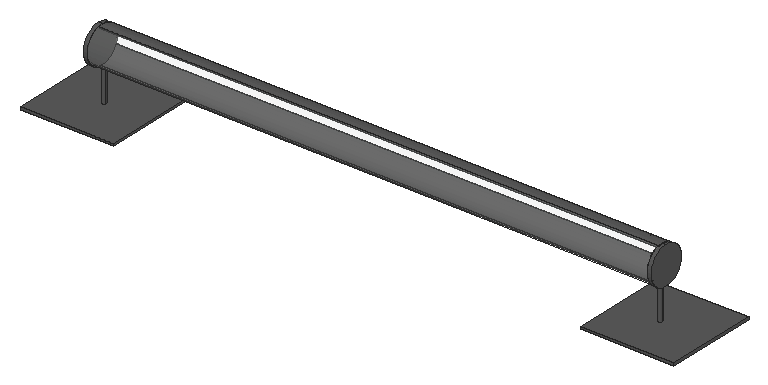
Revit family "wall di", category Lighting Fixtures, host Face, Revit 2019
Family settings
  Host = Face
  Round Connector Dimension = Use Diameter
  Part Type = Normal
  OmniClass Number = 23.80.70.11
  OmniClass Title = Luminaries for Internal Lighting
  Cut with Voids When Loaded = No
  Light Source = Yes
  Shared = No
  Room Calculation Point = No
Parameters (values of type "Not a Type - Load Type Catalog!")
  z_RO Start = Run : Start Fixture
  z_RO Standalone = Run : Standalone Fixture
  z_RO Middle = Run : Middle Fixture
  z_RO End = Run : End Fixture
  z_Geometry Position [instance] = 0' - 4 19/32"
  z_Connector Position [instance] = if(or(Run Option = z_RO Standalone, Run Option = z_RO Start), 0' 0", Length - 2 * 0' 0 21/128")  # 0' - 0"
  z_Array No 01 [instance] = if(or(Run Option = z_RO Standalone, Run Option = z_RO Start, and(Run Option = z_RO End, [Emergency Circuit - End Fixture])), 3, 2)  # 3
  z_Angle [instance] = 0.00°  # constant formula
  Width = 0' - 3 51/256"  # constant formula
  Weight = 0.00 lbf
  Wattage Comments = ""
  Wattage = 9.2903 W
  z_WM Left [instance] = or(Run Option = z_RO Start, Run Option = z_RO Standalone)  # yes
  Voltage Range = ""
  built-in parameter 1150110 = 1 (stored number, unit not read)
  Voltage = 120 V
  URL = "https://starteklightingamerica.com/optimo-direct/"
  Type Comments = "Linear Lighting Fixture"  # constant formula
  built-in parameter 1114217 = 1 (stored number, unit not read)
  Tilt Angle = 90.00°  # constant formula
  built-in parameter 1150109 = 1 (stored number, unit not read)
  built-in parameter 1150134 = (empty or 0)
  built-in parameter 1150113 = 1 (stored number, unit not read)
  z_Right Cap [instance] = or(Run Option = z_RO Standalone, Run Option = z_RO End)  # yes
  Run Option [instance] = Run : Standalone Fixture
  Product data url = "https://www.bimobject.com/startek-lighting/product/optimo_direct_indirect"
  Product Material [instance] = StarTek Lighting - Aluminum - Powder Coat Black
  Product Guid = "238ea46f-5e4f-4156-8c1f-09dc676d21ec"
  Power Factor = 1
  Photometric Web File = "Generic Light Source Shown : Please download and link the IES file that best matches your fixture specification"
  Photometric Note = "Import IES files https://starteklightingamerica.com/"  # constant formula
  Phase = 1
  Number of Poles = 1
  Model = ""
  Manufacturer = "StarTek Lighting"  # constant formula
  z_Left Mounting Point Distance [instance] = Length / 2 - 0' 0 21/128"  # 1' - 11 107/128"
  built-in parameter 1150105 = 109.82 (stored number, unit not read)
  Lumens = 1380 lm
  built-in parameter 1150115 = 1 (stored number, unit not read)
  built-in parameter 1150137 = (empty or 0)
  built-in parameter 1150139 = (empty or 0)
  Length = 4' - 0"
  z_Left Cap [instance] = or(Run Option = z_RO Standalone, Run Option = z_RO Start)  # yes
  Lamp length 8' = Length = 8' 0"  # no
  Lamp length 4' = Length = 4' 0"  # yes
  built-in parameter 1150112 = 1 (stored number, unit not read)
  built-in parameter 1150114 = 1 (stored number, unit not read)
  Lamp = "LED"  # constant formula
  Keynote = "16500"
  Input Wattage = 0 W
  built-in parameter 1150132 = 2
  built-in parameter 1150102 = (empty or 0)
  built-in parameter 1150107 = 3201 (stored number, unit not read)
  built-in parameter 1150138 = (empty or 0)
  Indirect Distribution = "CL"
  built-in parameter 1150106 = 1.0982 (stored number, unit not read)
  Height = 0' - 3 51/256"  # constant formula
  Frequency = 0 Hz
  Emit from Rectangle Width = 0' - 3 21/256"  # constant formula
  Emit from Rectangle Length = Length - 2 * 0' 0 19/128"  # 3' - 11 45/64"
  Emit Shape Visible in Rendering = no
  Emergency Circuit - End Fixture [instance] = no
  built-in parameter 1150104 = 13.8 (stored number, unit not read)
  Edition number = 1
  Direct Distribution = "SD"
  Dimming Lamp Color Temperature Shift = <None>
  Description = "Optimo Direct-Indirect"  # constant formula
  Electrical Disconnect = yes
  Default Elevation = 4' - 0"
  Color Filter = 16777215
  CRI = "80"
  built-in parameter 1114218 = 1 (stored number, unit not read)
  built-in parameter 1150133 = 10 (stored number, unit not read)
  Color [instance] = "Available Options: Powder Coat White (PW), Powder Coat Black (PB), Powder Coat Silver (PS), Powder Coat Bronze (PBR), Brushed Champagne (BCH), Powder Coat Other (PO), Premium Stock Finish (PSF)"  # constant formula
  Assembly Code = "D5020200"
  Apparent Load = Input Wattage / (Power Factor * Number of Poles)  # 0 VA
Reference planes (in)
  plane 1 "Center (Front/Back)": y = 0
  plane 2: z = 0
  plane 3 "Center (Left/Right)": x = 0
  plane 4: x = -23.83594
  plane 5: x = -24
  plane 6: x = 24
  plane 7: x = -23.63
  plane 8: x = 23.63
  plane 9: z = 4.59375
  plane 10: x = -23.83594
Forms (in)
  Sweep 1, solid, not visible
    path origin (0, 0, 0) x (0, 1, 0) y (0, 0, 1)
      loop
        line (0, 4.59375) -> (-0.39289, 4.59375)
    profile origin (0, -0.19644, 4.59375) x (0, 0, -1) y (1, 0, 0)
      loop
        circle (0, 0) r 0.03213
  Extrusion 2, solid, material "StarTek Lighting - Aluminum - Powder Coat Black" <- "Product Material", visible <- "z_WM Left"
    sketch origin (0, 0, 0) x (1, 0, 0) y (0, 1, 0)
      loop
        line (-27.83912, 4) -> (-27.83912, -4) -> (-19.83912, -4) -> (-19.83912, 4) -> (-27.83912, 4)
    from 0 to 0.19141
  Extrusion 3, solid, material "StarTek Lighting - Aluminum - Powder Coat Black" <- "Product Material", visible <- "z_WM Left"
    sketch origin (0, 0, 0) x (1, 0, 0) y (0, 1, 0)
      loop
        circle (-23.83912, 0) r 0.16088
    from 0.19141 to 3
  Extrusion 4, solid, material "StarTek Lighting - Aluminum - Powder Coat Black" <- "Product Material"
    sketch origin (0, 0, 0) x (1, 0, 0) y (0, 1, 0)
      loop
        line (20.16088, 4) -> (20.16088, -4) -> (28.16088, -4) -> (28.16088, 4) -> (20.16088, 4)
    from 0 to 0.19141
  Extrusion 5, solid, material "StarTek Lighting - Aluminum - Powder Coat Black" <- "Product Material"
    sketch origin (0, 0, 0) x (1, 0, 0) y (0, 1, 0)
      loop
        circle (23.83912, 0) r 0.16412
    from 0.19141 to 3
Lines and regions (in)
  Masking region 1
    outline origin (0, 0, 0) x (1, 0, 0) y (0, 0, 1)
      loop
        line (20.16088, 0.19141) -> (20.16088, 0) -> (28.16088, 0) -> (28.16088, 0.19141) -> (24.00325, 0.19141) -> (24.00325, 3) -> (23.675, 3) -> (23.675, 0.19141) -> (20.16088, 0.19141)
  Masking region 2, visible <- "z_WM Left"
    outline origin (0, 0, 0) x (1, 0, 0) y (0, 0, 1)
      loop
        line (-27.83912, 0.19141) -> (-27.83912, 0) -> (-19.83912, 0) -> (-19.83912, 0.19141) -> (-23.68067, 0.19141) -> (-23.68067, 3) -> (-24, 3) -> (-24, 0.19141) -> (-27.83912, 0.19141)
Dimensions and locks (in)
  "z_Left Mounting Point Distance": plane 3 "Center (Left/Right)" to plane 4
  equal spacing: plane 5, plane 3 "Center (Left/Right)", plane 6
  "Length": plane 5 to plane 6
  locked: plane 8 to plane 6 at 0.37
  locked: plane 5 to plane 7 at 0.37
  "z_Geometry Position": plane 9 to plane 2
  locked: Sweep 1 sketch curve to Sweep 1 sketch curve at 0.39289
  Extrusion 2 sketch curve to Extrusion 2 sketch curve = 0' - 8"
  Extrusion 2 sketch curve to plane 5 to Extrusion 2 sketch curve = 0' - 3.83912" locked, 0' - 4.16088" locked
  equal spacing: Extrusion 2 sketch curve, plane 1 "Center (Front/Back)", Extrusion 2 sketch curve
  locked: plane 5 to Extrusion 3 sketch curve at 0.16088
  locked: Extrusion 4 sketch curve to Extrusion 4 sketch curve at 8
  locked: plane 6 to Extrusion 4 sketch curve at 4.16088
  locked: Extrusion 5 sketch curve to plane 6 at 0.16088
  Masking region 1 sketch curve to plane 6 to Masking region 1 sketch curve = 0' - 4.16088" locked, 0' - 3.83912" locked
  Masking region 2 sketch curve to plane 5 to Masking region 2 sketch curve = 0' - 4.16088" locked, 0' - 3.83912" locked
  locked: Masking region 2 sketch curve to plane 2 at 3
  locked: Masking region 1 sketch curve to plane 2 at 3
  Masking region 1 sketch curve to plane 6 to Masking region 1 sketch curve = 0' - 0.00325" locked, 0' - 0.325" locked
  Masking region 2 sketch curve to plane 5 to Masking region 2 sketch curve = 0' - 0.31933" locked, 0' - 0" locked
  locked: nested 2 to plane 5 at 8
  "z_Connector Position": plane 4 to plane 10
  equal spacing: group 1, group 2, group 3  (x3)
  "z_Angle": angle plane 9 to Sweep 1 sketch curve
  aligned and locked: plane 2 to host face
  aligned and locked: level to host face
  aligned and locked: plane 1 "Center (Front/Back)" to Sweep 1 sketch curve
  aligned and locked: plane 9 to Sweep 1 sketch curve
  aligned and locked: plane 3 "Center (Left/Right)" to nested 1
  aligned and locked: plane 1 "Center (Front/Back)" to Extrusion 3 sketch curve
  aligned and locked: imposter light to plane 3 "Center (Left/Right)"
  aligned and locked: plane 1 "Center (Front/Back)" to nested 2
  aligned and locked: plane 10 to nested 4
  aligned and locked: plane 1 "Center (Front/Back)" to nested 4
Automatic sketch dimensions
  host sketch curve to host sketch curve = 8' - 0"  (x2)
  Sweep 1 sketch curve to plane 3 "Center (Left/Right)" = 0' - 0"
  Sweep 1 sketch curve to profile plane = 0' - 0"
  plane 1 "Center (Front/Back)" to Extrusion 4 sketch curve = 0' - 4"
  Extrusion 4 sketch curve to plane 1 "Center (Front/Back)" = 0' - 4"
  plane 1 "Center (Front/Back)" to Extrusion 5 sketch curve = 0' - 0"
  Masking region 2 sketch curve to level = 0' - 0"
  Masking region 2 sketch curve to Masking region 2 sketch curve = 0' - 0 49/256"  (x2)
  Masking region 1 sketch curve to level = 0' - 0"
  Masking region 1 sketch curve to Masking region 1 sketch curve = 0' - 0 49/256"  (x2)
  radius of Sweep 1 sketch curve = 0' - 0.03213"
  radius of Extrusion 3 sketch curve = 0' - 0.16088"
  radius of Extrusion 5 sketch curve = 0' - 0.16412"
Nested families (in)
  nested 1: "Geometry" at (0, 0, 4.59375) x (1, 0, 0) z (0, 1, 0), Left Cap <- "z_Left Cap", Right Cap <- "z_Right Cap", type "Geometry"
    with Right Cap yes, Mounting Height 8' - 0", Left Cap yes
  nested 2: "Connection" at (-32, 0, 0), type "Connection"
  nested 3: "Connection" at (-27.91797, 0, 0), type "Connection"
  nested 4: "Connection" at (-23.83594, 0, 0), type "Connection"
Connectors (in)
  electrical at (-23.83594, 0, 0), driven by "Number of Poles", driven by "Voltage", driven by "Apparent Load", driven by "Power Factor", driven by "Apparent Load", driven by "Apparent Load", driven by "Apparent Load"
    settings: on nested 4, index 2, voltage 120 V, apparent load 0 VA, apparent load phase1 0 VA, apparent load phase2 0 VA, apparent load phase3 0 VA, power factor 1, load classification "Other", number of poles 1, system type 30, power factor state 1, is connector primary yes, connector utility no, sub classification motor no, connector description "Connector for Electrical Power"
Definition of nested family "Geometry"
  Parameters (values of type "Geometry")
    Width = 0' - 4.62"
    Right Cap [instance] = yes
    Mounting Height [instance] = 8' - 0"
    Manufacturer = ""
    Length = 4' - 0"
    Left Cap [instance] = yes
    Housing Material = none
    Default Elevation = 4' - 0"
  Reference planes (in)
    plane 1 "Light Source Axis (F/B)": y = 0
    plane 2: z = 0
    plane 3 "Light Source Axis (L/R)": x = 0
    plane 4 "Light Source Elevation": z = 0
    plane 5: x = -24.325
    plane 6: x = 24.325
    plane 7: y = -2.31
    plane 8: x = -24
    plane 9: x = 24
  Forms (in)
    Extrusion 1, solid, material <- "Housing Material", visible <- "Left Cap"
      sketch origin (0, 0, -94.40625) x (0, 1, 0) y (0, 0, 1)
        loop
          circle (0, 94.40625) r 1.59375
      from -24.325 to -24
    Extrusion 2, solid, material <- "Housing Material", visible <- "Right Cap"
      sketch origin (0, 0, -94.40625) x (0, 1, 0) y (0, 0, -1)
        loop
          circle (0, -94.40625) r 1.59375
      from -24.325 to -24
    Extrusion 3, solid, material <- "Housing Material"
      sketch origin (0, 0, -0.40625) x (0, 1, 0) y (0, 0, 1)
        loop
          arc (1.5411, 0) -> (1.42316, 1.12365) -> (0.59, 1.88677) r 1.59375
          line (0.59, 1.88677) -> (0.55298, 1.79387)
          arc (0.55298, 1.79387) -> (1.33976, 1.06681) -> (1.43745, 0) r 1.49375
          line (1.43745, 0) -> (1.5411, 0)
        loop
          arc (-1.43745, 0) -> (-1.33976, 1.06681) -> (-0.55298, 1.79387) r 1.49375
          line (-0.55298, 1.79387) -> (-0.59, 1.88677)
          arc (-0.59, 1.88677) -> (-1.42316, 1.12365) -> (-1.5411, 0) r 1.59375
          line (-1.5411, 0) -> (-1.43745, 0)
      from -24 to 24
    Extrusion 4, solid
      sketch origin (0, 0, -0.40625) x (0, 1, 0) y (0, 0, 1)
        loop
          arc (-1.5411, 0) -> (0, -1.1875) -> (1.5411, 0) r 1.59375
          line (1.5411, 0) -> (1.43745, 0)
          arc (1.43745, 0) -> (0, -1.0875) -> (-1.43745, 0) r 1.49375
          line (-1.43745, 0) -> (-1.5411, 0)
        loop
          arc (0.59, 1.88677) -> (0, 2) -> (-0.59, 1.88677) r 1.59375
          line (-0.59, 1.88677) -> (-0.55298, 1.79387)
          arc (-0.55298, 1.79387) -> (0, 1.9) -> (0.55298, 1.79387) r 1.49375
          line (0.55298, 1.79387) -> (0.59, 1.88677)
      from -24 to 24
  Lines and regions (in)
    Masking region 1
      outline origin (0, 0, 0) x (1, 0, 0) y (0, 1, 0)
        loop
          line (-24, 1.59375) -> (-24, -1.59375) -> (24, -1.59375) -> (24, 1.59375) -> (-24, 1.59375)
    Masking region 2, visible <- "Left Cap"
      outline origin (0, 0, 0) x (1, 0, 0) y (0, 1, 0)
        loop
          line (-24.325, 1.59375) -> (-24.325, -1.59375) -> (-24, -1.59375) -> (-24, 1.59375) -> (-24.325, 1.59375)
    Masking region 3, visible <- "Right Cap"
      outline origin (0, 0, 0) x (1, 0, 0) y (0, 1, 0)
        loop
          line (24, 1.59375) -> (24, -1.59375) -> (24.325, -1.59375) -> (24.325, 1.59375) -> (24, 1.59375)
    symbolic lines, detail levels fine
      curve 1: line (-24, 1.43745, 0) -> (24, 1.43745, 0)
      curve 2: line (24, 1.5411, 0) -> (-24, 1.5411, 0)
      curve 3: line (-24, -1.43745, 0) -> (24, -1.43745, 0)
      curve 4: line (-24, -1.5411, 0) -> (24, -1.5411, 0)
    symbolic lines, detail levels medium+fine
      curve 5: line (-24, 1.5411, 0) -> (-24, -1.5411, 0)
      curve 6: line (24, 1.5411, 0) -> (24, -1.5411, 0)
  Dimensions and locks (in)
    equal spacing: plane 5, plane 3 "Light Source Axis (L/R)", plane 6
    plane 7 to plane 1 "Light Source Axis (F/B)" = 0' - 2.31"
    locked: plane 5 to plane 8 at 0.325
    locked: plane 9 to plane 6 at 0.325
    "Length": plane 8 to plane 9
    diameter of Extrusion 1 sketch curve = 0' - 3 3/16"
    aligned and locked: level to plane 2
    aligned and locked: Extrusion 1 to plane 5
    aligned and locked: Extrusion 1 to plane 8
    aligned and locked: plane 9 to Extrusion 2
    aligned and locked: plane 6 to Extrusion 2
    aligned and locked: plane 8 to Extrusion 3
    aligned and locked: Extrusion 3 to plane 9
    aligned and locked: plane 8 to Extrusion 4
    aligned and locked: Extrusion 4 to plane 9
    aligned and locked: plane 8 to curve 2
    aligned and locked: plane 8 to curve 1
    aligned and locked: plane 8 to curve 3
    aligned and locked: plane 8 to curve 4
    aligned and locked: plane 9 to curve 2
    aligned and locked: plane 9 to curve 1
    aligned and locked: plane 9 to curve 3
    aligned and locked: plane 9 to curve 4
    aligned and locked: Masking region 1 to plane 9
    aligned and locked: plane 5 to Masking region 2 sketch curve
    aligned and locked: plane 8 to Masking region 2 sketch curve
    aligned and locked: Masking region 3 sketch curve to plane 6
    aligned and locked: Masking region 3 sketch curve to plane 9
  Automatic sketch dimensions
    Extrusion 1 sketch curve to plane 1 "Light Source Axis (F/B)" = 0' - 0"
    level to Extrusion 1 sketch curve = 0' - 0"
    Extrusion 2 sketch curve to plane 1 "Light Source Axis (F/B)" = 0' - 0"
    level to Extrusion 2 sketch curve = 0' - 0"
    Extrusion 4 sketch curve to Extrusion 4 sketch curve = 0' - 0"  (x6)
    Extrusion 4 sketch curve to level = 0' - 0 13/32"  (x2)
    Extrusion 4 sketch curve to plane 1 "Light Source Axis (F/B)" = 0' - 0"
    level to Extrusion 4 sketch curve = 0' - 0"
    Extrusion 4 sketch curve to Extrusion 4 sketch curve = 0' - 0.10366"
    Masking region 1 sketch curve to plane 7 = 0' - 0.71625"
    Masking region 1 sketch curve to plane 1 "Light Source Axis (F/B)" = 0' - 1 19/32"
    curve 4 to plane 7 = 0' - 0.7689"
    curve 5 to plane 1 "Light Source Axis (F/B)" = 0' - 1.5411"
    curve 6 to curve 3 = 0' - 0.10366"
    curve 1 to curve 2 = 0' - 0.10366"
    plane 5 to Masking region 1 sketch curve = 0' - 0.325"
    Masking region 1 sketch curve to plane 6 = 0' - 0.325"
    Masking region 2 sketch curve to plane 7 = 0' - 0.71625"
    Masking region 2 sketch curve to plane 1 "Light Source Axis (F/B)" = 0' - 1 19/32"
    Masking region 3 sketch curve to plane 7 = 0' - 0.71625"
    Masking region 3 sketch curve to plane 1 "Light Source Axis (F/B)" = 0' - 1 19/32"
    Extrusion 3 sketch curve to Extrusion 3 sketch curve = 0' - 0"  (x6)
    Extrusion 3 sketch curve to level = 0' - 0"
    Extrusion 3 sketch curve to plane 1 "Light Source Axis (F/B)" = 0' - 0"
    Extrusion 3 sketch curve to plane 7 = 0' - 0.7689"
    Extrusion 3 sketch curve to level = 0' - 0 13/32"  (x2)
    plane 1 "Light Source Axis (F/B)" to Extrusion 3 sketch curve = 0' - 0.55298"
    Extrusion 3 sketch curve to Extrusion 3 sketch curve = 0' - 0.03702"  (x2)
    Extrusion 3 sketch curve to Extrusion 3 sketch curve = 0' - 0.10366"  (x2)
    Extrusion 3 sketch curve to plane 1 "Light Source Axis (F/B)" = 0' - 0.55298"
    Extrusion 3 sketch curve to Extrusion 3 sketch curve = 0' - 0.0929"
    plane 1 "Light Source Axis (F/B)" to Extrusion 4 sketch curve = 0' - 0.55298"
    Extrusion 4 sketch curve to Extrusion 4 sketch curve = 0' - 0.03702"  (x2)
    Extrusion 4 sketch curve to Extrusion 4 sketch curve = 0' - 0.0929"
    Extrusion 4 sketch curve to Extrusion 4 sketch curve = 0' - 1.14298"
    Extrusion 4 sketch curve to plane 7 = 0' - 0.87255"
    level to Extrusion 4 sketch curve = 0' - 1.38762"
    radius of Extrusion 2 sketch curve = 0' - 1 19/32"
Definition of nested family "Connection"
  Parameters (values of type "Connection")
    Default Elevation = 4' - 0"
  Reference planes (in)
    plane 1 "Center (Front/Back)": y = 0
    plane 2: z = 0
    plane 3 "Center (Left/Right)": x = 0
  Forms (in)
    Extrusion 1, solid
      sketch origin (0, 0, 0) x (1, 0, 0) y (0, 1, 0)
        loop
          line (-48, 48) -> (-48, -48) -> (48, -48) -> (48, 48) -> (-48, 48)
      from 0 to -12
    Extrusion 2, solid, not visible
      sketch origin (0, 0, 0) x (1, 0, 0) y (0, 1, 0)
        loop
          circle (0, 0) r 0.7874
      from 0 to -0.45531
  Dimensions and locks (in)
    aligned and locked: plane 2 to Extrusion 1
    aligned and locked: level to Extrusion 1
